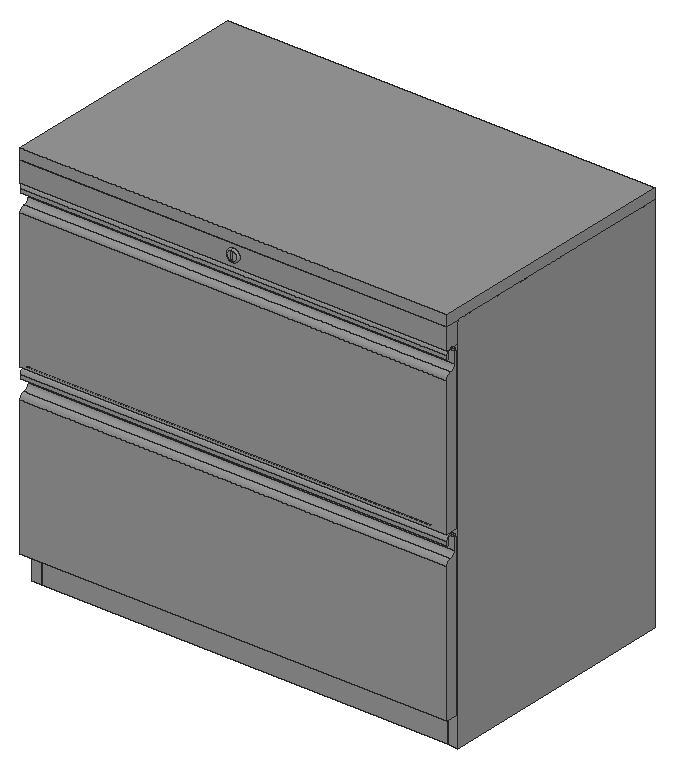
Revit family "ST.FO.LF.2DR.301828 Folio Lateral File Cabinet", category Generic Models, Revit 2018
Family settings
  Can host rebar = No
  Round Connector Dimension = Use Diameter
  Part Type = Normal
  Work Plane-Based = No
  Always vertical = Yes
  Cut with Voids When Loaded = No
  Shared = No
  Room Calculation Point = No
Parameters
  Surface = ST.FO.LF.2DR.301828 Folio Lateral File Surface
Reference planes (in)
  plane 1 "Center (Front/Back)": y = 0
  plane 2: z = 0
  plane 3 "Center (Left/Right)": x = 0
Forms (in)
  Extrusion 1, solid, material "ST.FO.LF.2DR.301828 Folio Lateral File Surface" <- "Surface"
    sketch origin (0, 0, -23.477) x (0, 1, 0) y (0, 0, 1)
      loop
        line (-9.1055, 48.88462) -> (-9.1055, 48.62738) -> (-9.0696, 48.62738) -> (-9.0696, 48.88462)
        arc (-9.0696, 48.88462) -> (-8.74025, 49.21398) -> (-8.4109, 48.88462) r 0.32935
        line (-8.4109, 48.88462) -> (-8.4109, 48.05488)
        arc (-8.4109, 48.05488) -> (-8.51505, 47.80343) -> (-8.7665, 47.69927) r 0.3556
        arc (-8.7665, 47.69927) -> (-9.02, 47.59427) -> (-9.125, 47.34078) r 0.3585
        line (-9.125, 47.34078) -> (-9.125, 37.636) -> (-8.375, 37.636) -> (-8.375, 48.88462)
        arc (-8.375, 48.88462) -> (-8.74025, 49.24988) -> (-9.1055, 48.88462) r 0.36525
    from -15 to 15
  Extrusion 2, solid, material "ST.FO.LF.2DR.301828 Folio Lateral File Surface" <- "Surface"
    sketch origin (0, 0, -35.216) x (0, 1, 0) y (0, 0, 1)
      loop
        line (-9.1055, 48.88462) -> (-9.1055, 48.62738) -> (-9.0696, 48.62738) -> (-9.0696, 48.88462)
        arc (-9.0696, 48.88462) -> (-8.74025, 49.21398) -> (-8.4109, 48.88462) r 0.32935
        line (-8.4109, 48.88462) -> (-8.4109, 48.05488)
        arc (-8.4109, 48.05488) -> (-8.51505, 47.80343) -> (-8.7665, 47.69927) r 0.3556
        arc (-8.7665, 47.69927) -> (-9.02, 47.59427) -> (-9.125, 47.34078) r 0.3585
        line (-9.125, 47.34078) -> (-9.125, 37.636) -> (-8.375, 37.636) -> (-8.375, 48.88462)
        arc (-8.375, 48.88462) -> (-8.74025, 49.24988) -> (-9.1055, 48.88462) r 0.36525
    from -15 to 15
  Extrusion 3, solid, material "ST.FO.LF.2DR.301828 Folio Lateral File Surface" <- "Surface"
    sketch origin (0, 0, -35.216) x (1, 0, 0) y (0, 0, 1)
      loop
        line (-13.625, 47.476) -> (-13.75, 47.476) -> (-13.75, 38.476) -> (-13.625, 38.476) -> (-13.625, 39.101) -> (13.625, 39.101) -> (13.625, 38.476) -> (13.75, 38.476) -> (13.75, 47.476) -> (13.625, 47.476) -> (13.625, 39.226) -> (-13.625, 39.226) -> (-13.625, 47.476)
    from -3.5 to 8.25
  Extrusion 4, solid, material "ST.FO.LF.2DR.301828 Folio Lateral File Surface" <- "Surface"
    sketch origin (0, 0, -35.216) x (1, 0, 0) y (0, 0, 1)
      loop
        line (-13.75, 47.476) -> (-13.75, 38.476) -> (13.75, 38.476) -> (13.75, 47.476) -> (-13.75, 47.476)
    from -3.625 to -3.5
  Extrusion 5, solid, material "ST.FO.LF.2DR.301828 Folio Lateral File Surface" <- "Surface"
    sketch origin (0, -11.875, -35.216) x (1, 0, 0) y (0, 0, 1)
      loop
        line (-13.75, 47.476) -> (-13.75, 38.476) -> (13.75, 38.476) -> (13.75, 47.476) -> (-13.75, 47.476)
    from -3.625 to -3.5
  Extrusion 6, solid, material "ST.FO.LF.2DR.301828 Folio Lateral File Surface" <- "Surface"
    sketch origin (0, 0, 0) x (0, 1, 0) y (0, 0, 1)
      loop
        line (8.375, 2.75) -> (-8.125, 2.75) -> (-8.125, 0.25) -> (-7.375, 0.25) -> (-7.375, 2) -> (8.375, 2) -> (8.375, 2.75)
    from -14.25 to 14.25
  Extrusion 7, solid, material "ST.FO.LF.2DR.301828 Folio Lateral File Surface" <- "Surface"
    sketch origin (0, 0, 0) x (0, 1, 0) y (0, 0, -1)
      loop
        line (-8.125, -0.25) -> (-8.125, -27.25) -> (9.125, -27.25) -> (9.125, -0.25) -> (-8.125, -0.25)
    from 14.25 to 15
  Extrusion 8, solid, material "ST.FO.LF.2DR.301828 Folio Lateral File Surface" <- "Surface"
    sketch origin (0, 0, 0) x (0, 1, 0) y (0, 0, 1)
      loop
        line (8.375, 27.25) -> (8.375, 0.25) -> (9.125, 0.25) -> (9.125, 27.25) -> (8.375, 27.25)
    from -14.25 to 14.25
  Extrusion 9, solid, material "ST.FO.LF.2DR.301828 Folio Lateral File Surface" <- "Surface"
    sketch origin (0, 0, -23.625) x (0, 1, 0) y (0, 0, 1)
      loop
        line (9.125, 51.625) -> (-9.125, 51.625) -> (-9.125, 50.875) -> (9.125, 50.875) -> (9.125, 51.625)
    from -15 to 15
  Extrusion 10, solid, material "ST.FO.LF.2DR.301828 Folio Lateral File Surface" <- "Surface"
    sketch origin (0, 0, -23.625) x (0, 1, 0) y (0, 0, 1)
      loop
        line (-8.125, 50.875) -> (-9.125, 50.875) -> (-9.125, 49.375) -> (-8.125, 49.375) -> (-8.125, 50.875)
    from -15 to 15
  Revolve 11, solid, material "Folio Glides"
    sketch origin (0, 0, -23.625) x (0, 1, 0) y (0, 0, 1)
      loop
        arc (-9.125, 50.56261) -> (-9.20156, 50.53665) -> (-9.24581, 50.469) r 0.12389
        line (-9.24581, 50.469) -> (-9.24581, 50.125) -> (-9.125, 50.125) -> (-9.125, 50.56261)
      axis (-9.24581, 50.125) -> (-9.125, 50.125)
    angle from 0 to 360
  Extrusion 12, void
    sketch origin (0, 0, -23.625) x (1, 0, 0) y (0, 0, 1)
      loop
        line (-0.0625, 50.408) -> (-0.0625, 49.842) -> (0.0625, 49.842) -> (0.0625, 50.408) -> (-0.0625, 50.408)
    from 9.125 to 9.40721
  Revolve 13, solid, material "Folio Glides"
    sketch origin (0, -6.6869, 0) x (1, 0, 0) y (0, 0, 1)
      loop
        line (-13.56312, 1.18177) -> (-13.56312, 0) -> (-13.2343, 0)
        arc (-13.2343, 0) -> (-13.21728, 0.0077) -> (-13.21586, 0.02633) r 0.01832
        line (-13.21586, 0.02633) -> (-13.37703, 0.1875) -> (-13.43902, 0.1875) -> (-13.43902, 1.18177) -> (-13.56312, 1.18177)
      axis (-13.56312, 1.18177) -> (-13.56312, 0)
    angle from 0 to 360
  Extrusion 14, solid, material "Folio Glides"
    sketch origin (0, 0, 0) x (1, 0, 0) y (0, 1, 0)
      loop
        line (-12.1875, -7.375) -> (-14.25, -5.3125) -> (-14.25, -7.375) -> (-12.1875, -7.375)
    from 0.25 to 0.3125
  Revolve 15, solid, material "Folio Glides"
    sketch origin (0, 7.6869, 0) x (1, 0, 0) y (0, 0, -1)
      loop
        line (-13.56312, -1.18177) -> (-13.43902, -1.18177) -> (-13.43902, -0.1875) -> (-13.37703, -0.1875) -> (-13.21586, -0.02633)
        arc (-13.21586, -0.02633) -> (-13.21728, -0.0077) -> (-13.2343, 0) r 0.01832
        line (-13.2343, 0) -> (-13.56312, 0) -> (-13.56312, -1.18177)
      axis (-13.56312, -1.18177) -> (-13.56312, 0)
    angle from 0 to 360
  Extrusion 16, solid, material "Folio Glides"
    sketch origin (0, 1, 0) x (1, 0, 0) y (0, 1, 0)
      loop
        line (-12.1875, 7.375) -> (-14.25, 7.375) -> (-14.25, 5.3125) -> (-12.1875, 7.375)
    from 0.25 to 0.3125
  Extrusion 17, solid, material "ST.FO.LF.2DR.301828 Folio Lateral File Surface" <- "Surface"
    sketch origin (0, 0, 0) x (0, 1, 0) y (0, 0, 1)
      loop
        line (-8.125, 0.25) -> (9.125, 0.25) -> (9.125, 27.25) -> (-8.125, 27.25) -> (-8.125, 0.25)
    from 14.25 to 15
  Revolve 18, solid, material "Folio Glides"
    sketch origin (0, -6.6869, 0) x (-1, 0, 0) y (0, 0, -1)
      loop
        line (-13.56312, -1.18177) -> (-13.43902, -1.18177) -> (-13.43902, -0.1875) -> (-13.37703, -0.1875) -> (-13.21586, -0.02633)
        arc (-13.21586, -0.02633) -> (-13.21728, -0.0077) -> (-13.2343, 0) r 0.01832
        line (-13.2343, 0) -> (-13.56312, 0) -> (-13.56312, -1.18177)
      axis (-13.56312, -1.18177) -> (-13.56312, 0)
    angle from 0 to 360
  Extrusion 19, solid, material "Folio Glides"
    sketch origin (0, 0, 0) x (-1, 0, 0) y (0, -1, 0)
      loop
        line (-12.1875, 7.375) -> (-14.25, 7.375) -> (-14.25, 5.3125) -> (-12.1875, 7.375)
    from 0.25 to 0.3125
  Revolve 20, solid, material "Folio Glides"
    sketch origin (0, 7.6869, 0) x (-1, 0, 0) y (0, 0, 1)
      loop
        line (-13.56312, 1.18177) -> (-13.56312, 0) -> (-13.2343, 0)
        arc (-13.2343, 0) -> (-13.21728, 0.0077) -> (-13.21586, 0.02633) r 0.01832
        line (-13.21586, 0.02633) -> (-13.37703, 0.1875) -> (-13.43902, 0.1875) -> (-13.43902, 1.18177) -> (-13.56312, 1.18177)
      axis (-13.56312, 1.18177) -> (-13.56312, 0)
    angle from 0 to 360
  Extrusion 21, solid, material "Folio Glides"
    sketch origin (0, 1, 0) x (-1, 0, 0) y (0, -1, 0)
      loop
        line (-12.1875, -7.375) -> (-14.25, -5.3125) -> (-14.25, -7.375) -> (-12.1875, -7.375)
    from 0.25 to 0.3125
  Extrusion 22, solid, material "ST.FO.LF.2DR.301828 Folio Lateral File Surface" <- "Surface"
    sketch origin (0, 0, -23.477) x (1, 0, 0) y (0, 0, 1)
      loop
        line (-13.625, 47.476) -> (-13.75, 47.476) -> (-13.75, 38.476) -> (-13.625, 38.476) -> (-13.625, 39.101) -> (13.625, 39.101) -> (13.625, 38.476) -> (13.75, 38.476) -> (13.75, 47.476) -> (13.625, 47.476) -> (13.625, 39.226) -> (-13.625, 39.226) -> (-13.625, 47.476)
    from -3.5 to 8.25
  Extrusion 23, solid, material "ST.FO.LF.2DR.301828 Folio Lateral File Surface" <- "Surface"
    sketch origin (0, 0, -23.477) x (1, 0, 0) y (0, 0, 1)
      loop
        line (-13.75, 47.476) -> (-13.75, 38.476) -> (13.75, 38.476) -> (13.75, 47.476) -> (-13.75, 47.476)
    from -3.625 to -3.5
  Extrusion 24, solid, material "ST.FO.LF.2DR.301828 Folio Lateral File Surface" <- "Surface"
    sketch origin (0, -11.875, -23.477) x (1, 0, 0) y (0, 0, 1)
      loop
        line (-13.75, 47.476) -> (-13.75, 38.476) -> (13.75, 38.476) -> (13.75, 47.476) -> (-13.75, 47.476)
    from -3.625 to -3.5
Cuts and joins
  Extrusion 12 cuts Extrusion 10
  Extrusion 12 cuts Revolve 11
Dimensions and locks (in)
  aligned and locked: plane 2 to level
